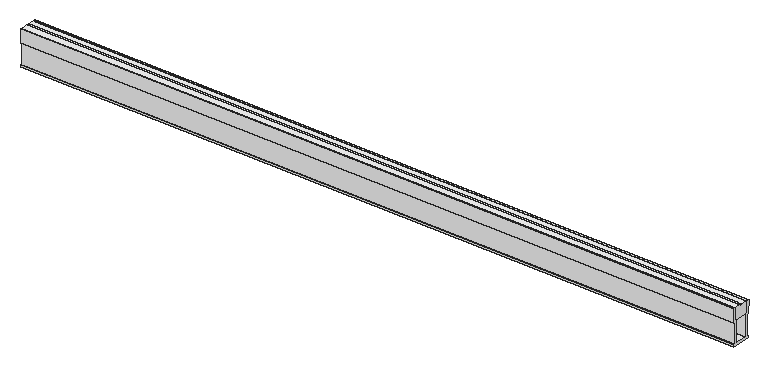
Revit family "4070762+4070745 Feilo Sylvania Lighting Fixture CURSUS 1161MM 770LM WIDE LED 4K with FRAMED ROUGH IN HOUSING", category Lighting Fixtures, host Face, Revit 2017
Family settings
  Host = Face
  Round Connector Dimension = Use Diameter
  Part Type = Normal
  OmniClass Number = 23.80.70.14
  OmniClass Title = Luminaries for External Lighting
  Cut with Voids When Loaded = Yes
  Light Source = Yes
  Shared = No
  Room Calculation Point = No
Parameters (values of type "4070762 CURSUS 1161MM 770LM WIDE LED 4K")
  Width = 30 mm
  Weight = "2.2 kg"
  Wattage Comments = "n/a"
  Wattage = 18 W
  WarrantyStartDate [instance] = "n/a"
  WarrantyGuarantorParts = "n/a"
  WarrantyDurationUnit = "n/a"
  WarrantyDurationParts = "n/a"
  WarrantyDescription = "n/a"
  built-in parameter 1150110 = 1 (stored number, unit not read)
  Voltage = 230 V
  URL = "http://www.sylvania-lighting.com"
  TypeName = "CURSUS 1161MM 770LM WIDE LED 4K"
  Type Image = <None>
  Type Comments = "n/a"
  built-in parameter 1114217 = 1 (stored number, unit not read)
  Tilt Angle = -90.00°
  built-in parameter 1150109 = 1 (stored number, unit not read)
  built-in parameter 1150134 = 12
  built-in parameter 1150113 = 1 (stored number, unit not read)
  SerialNumber [instance] = "n/a"
  Material_3_FEILO = none
  PowerFactor = 0
  PowerConsumption = "18 W"
  Photometric Web File = "4070762.ies"
  NominalLength = 1161 mm
  NominalHeight = 50 mm
  NominalDepth = Width  # 30 mm
  Name = "CURSUS 1161MM 770LM WIDE LED 4K"
  ModelReference = Name  # "CURSUS 1161MM 770LM WIDE LED 4K"
  ModelNumber = "4070762"
  Model = Name  # "CURSUS 1161MM 770LM WIDE LED 4K"
  Material = "natural anodised extruded aluminium structure housing"
  ManufacturerName = "Feilo Sylvania"
  Manufacturer = "Feilo Sylvania"
  LuminousEfficacy = "42.77 lm/W"
  built-in parameter 1150105 = 424.94 (stored number, unit not read)
  Lumens = 770 lm
  LuminaireType = ""
  built-in parameter 1150115 = 1 (stored number, unit not read)
  LightOutputRatio = "100"
  built-in parameter 1150137 = (empty or 0)
  built-in parameter 1150139 = (empty or 0)
  LengthVoidExtrusionRight [instance] = if(EndCapRight, Length / 2, Length / 2 - 2.5 mm)  # 581 mm
  LengthVoidExtrusionLeft [instance] = if(EndCapLeft, Length / 2, Length / 2 - 2.5 mm)  # 581 mm
  Length = 1167 mm
  LampsType = Lamp  # "LED"
  LampNominalLuminous = "770 lm"
  LampMacAdamStep = "n/a"
  LampColourTemperature = "4000 K"
  LampColourRenderingIndex = "80"
  built-in parameter 1150112 = 1 (stored number, unit not read)
  built-in parameter 1150114 = 1 (stored number, unit not read)
  Lamp = "LED"
  Keynote = "16500"
  InstallationDate [instance] = "n/a"
  InputVoltage = "220-240V~"
  InputNominalFrequency = "n/a"
  built-in parameter 1150132 = (empty or 0)
  built-in parameter 1150102 = (empty or 0)
  built-in parameter 1150107 = 4000 (stored number, unit not read)
  built-in parameter 1150138 = (empty or 0)
  IngressProtection = "IP67"
  ImpactProtectionIndex = "IK07"
  built-in parameter 1150106 = 4.2494 (stored number, unit not read)
  IfcExportType = "IfcLightFixtureType"
  IfcExportAs = "IfcLightFixtureType"
  ExpectedLife = 50000
  EndCapRight [instance] = no
  EndCapLeft [instance] = no
  Emit from Rectangle Width = Width - 6 mm  # 24 mm
  Emit from Rectangle Length = Length - 6 mm  # 1161 mm
  Emit Shape Visible in Rendering = no
  ElectricShockClassification = "Class III"
  built-in parameter 1150104 = 3.9742 (stored number, unit not read)
  DurationUnit = "hours"
  DocumentationLiterature = "http://www.sylvania-lighting.com/product/en-int/products/4070762"
  DimmingControlOptions = "n/a"
  Dimming Lamp Color Temperature Shift = <None>
  Material_2_FEILO = Diffuser-Sylvania-Glow
  Description = "LED Exterior Lighting Recessed Surface Mounted Linear Fixture, Natural anodised extruded aluminium structure. Die-cast aluminium end caps. Installation kit with harmonic steel springs., 770 lm, 18W,  42lm/W, 4000K, CRI80+,non dimmable,IP67, IK07, (HxWxD) 1161x50x30mm, 3 step Mac Adam Ellipse, 2.2kg,, Classe III, 21-25V-DC, energy class : A++, A+, A"
  Default Elevation = 1219.2 mm
  CreatedOn = "1/8/2018"
  CreatedBy = ""
  Cost = 0
  Color Filter = 16777215
  built-in parameter 1114216 [instance] = (empty or 0)
  ClassificationValue = "EF_70_80"
  ClassificationName = "Uniclass2015"
  Material_1_FEILO = Body-Sylvania-Gray
  BarCode [instance] = "n/a"
  built-in parameter 1114218 = 1 (stored number, unit not read)
  built-in parameter 1150133 = 10 (stored number, unit not read)
  AssetType = "Fixed"
  AssetIdentifier [instance] = "n/a"
  Assembly Code = "D5020200"
  Apparent Load = 18 VA
  Material_4_FEILO = Diffuser-Sylvania-Glow
Reference planes
  plane 1 "Center (Front/Back)": y = 0
  plane 2: z = 0
  plane 3 "Center (Left/Right)": x = 0
  plane 4: y = 15
  plane 5: y = -15
  plane 6: x = 583.5
  plane 7: x = -583.5
  plane 8: x = -581
  plane 9: y = 12.5
  plane 10: y = -12.5
  plane 11: x = 581
  plane 12: z = -55
  plane 13: z = -52.5
  plane 14: z = -2
  plane 15: y = -10
  plane 16: z = -18
  plane 17: z = -20.5
  plane 18: y = 10
Forms (mm)
  Extrusion 1, solid, material "Body-Sylvania-Gray" <- "Material_1_FEILO"
    sketch origin (0, 0, -32.5) x (0, 1, 0) y (0, 0, 1)
      loop
        line (15, -22.5) -> (15, -20) -> (12.5, -20) -> (12.5, 12) -> (15, 12) -> (15, 32.5) -> (12.5, 32.5) -> (12.5, 14.5) -> (10, 14.5) -> (10, -20) -> (-10, -20) -> (-10, 14.5) -> (-12.5, 14.5) -> (-12.5, 32.5) -> (-15, 32.5) -> (-15, 12) -> (-12.5, 12) -> (-12.5, -20) -> (-15, -20) -> (-15, -22.5) -> (15, -22.5)
    from -581 to 581
  Extrusion 2, solid, material "Body-Sylvania-Gray" <- "Material_1_FEILO", visible <- "EndCapRight"
    sketch origin (583.5, 1524, 1219.2) x (0, 1, 0) y (0, 0, 1)
      loop
        line (-1539, -1274.2) -> (-1509, -1274.2) -> (-1509, -1219.2) -> (-1539, -1219.2) -> (-1539, -1274.2)
    from 0 to -2.5
  Extrusion 3, solid, material "Body-Sylvania-Gray" <- "Material_1_FEILO", visible <- "EndCapLeft"
    sketch origin (-583.5, 1524, 1219.2) x (0, 1, 0) y (0, 0, 1)
      loop
        line (-1539, -1274.2) -> (-1509, -1274.2) -> (-1509, -1219.2) -> (-1539, -1219.2) -> (-1539, -1274.2)
    from 0 to 2.5
  Extrusion 4, solid, material "Diffuser-Sylvania-Glow" <- "Material_2_FEILO"
    sketch origin (0, 0, 0) x (0, 1, 0) y (0, 0, 1)
      loop
        line (-12.5, 0) -> (-12.5, -18) -> (12.5, -18) -> (12.5, 0) -> (2, 0) -> (0, -2) -> (-2, 0) -> (-12.5, 0)
    from -581 to 581
  Extrusion 5, void
    sketch origin (0, 0, 0) x (1, 0, 0) y (0, 1, 0)
      loop
        line (-581, 15) -> (-581, -15) -> (581, -15) -> (581, 15) -> (-581, 15)
    from 0 to -55
Dimensions and locks
  equal spacing: plane 5, plane 1 "Center (Front/Back)", plane 4
  equal spacing: plane 7, plane 3 "Center (Left/Right)", plane 6
  "Length": plane 7 to plane 6
  equal spacing: plane 8, plane 3 "Center (Left/Right)", plane 11
  equal spacing: plane 10, plane 1 "Center (Front/Back)", plane 9
  locked: plane 5 to plane 10 at 2.5
  "Width": plane 5 to plane 4
  locked: plane 2 to plane 12 at 55
  locked: plane 12 to plane 13 at 2.5
  "LengthVoidExtrusionLeft": Extrusion 5 sketch curve to plane 3 "Center (Left/Right)"
  "LengthVoidExtrusionRight": plane 3 "Center (Left/Right)" to Extrusion 5 sketch curve
  plane 2 to plane 14 = 2 mm
  locked: plane 7 to plane 8 at 2.5
  locked: plane 2 to plane 16 at 18
  locked: plane 17 to plane 16 at 2.5
  equal spacing: plane 15, plane 1 "Center (Front/Back)", plane 18
  locked: plane 10 to plane 15 at 2.5
  locked: plane 14 to Extrusion 4 sketch curve (angle 45.00°)
  locked: Extrusion 4 sketch curve to plane 14 (angle 45.00°)
  aligned and locked: plane 2 to host face
  aligned and locked: level to host face
  aligned and locked: plane 4 to Extrusion 1 sketch curve
  aligned and locked: Extrusion 1 sketch curve to plane 5
  aligned and locked: plane 10 to Extrusion 1 sketch curve  (x2)
  aligned and locked: Extrusion 1 sketch curve to plane 9  (x2)
  aligned and locked: plane 8 to Extrusion 3
  aligned and locked: Extrusion 3 to plane 7
  aligned and locked: Extrusion 4 to plane 8
  aligned and locked: plane 11 to Extrusion 4
  aligned and locked: imposter light to plane 1 "Center (Front/Back)"
  aligned and locked: plane 3 "Center (Left/Right)" to imposter light
  aligned and locked: plane 12 to Extrusion 1
  aligned and locked: Extrusion 1 to plane 13
  aligned and locked: level to Extrusion 1  (x2)
  aligned and locked: plane 2 to imposter light
  aligned and locked: plane 11 to Extrusion 1
  aligned and locked: Extrusion 1 to plane 8
  aligned and locked: plane 12 to Extrusion 3 sketch curve
  aligned and locked: plane 5 to Extrusion 3 sketch curve
  aligned and locked: Extrusion 3 sketch curve to plane 4
  aligned and locked: Extrusion 2 sketch curve to plane 4
  aligned and locked: plane 5 to Extrusion 2 sketch curve
  aligned and locked: plane 12 to Extrusion 2 sketch curve
  aligned and locked: plane 9 to Extrusion 4 sketch curve
  aligned and locked: Extrusion 4 sketch curve to plane 10
  aligned and locked: Extrusion 5 sketch curve to plane 4
  aligned and locked: plane 5 to Extrusion 5 sketch curve
  aligned and locked: Extrusion 5 to Extrusion 1
  aligned and locked: level to Extrusion 5
  aligned and locked: plane 14 to Extrusion 4 sketch curve
  aligned and locked: Extrusion 4 sketch curve to plane 16
  aligned and locked: Extrusion 1 sketch curve to Extrusion 1 sketch curve  (x3)
  aligned and locked: Extrusion 1 sketch curve to Extrusion 4
  aligned and locked: plane 15 to Extrusion 1 sketch curve
  aligned and locked: plane 17 to Extrusion 1 sketch curve
  aligned and locked: plane 5 to Extrusion 1 sketch curve
  aligned and locked: Extrusion 1 sketch curve to plane 16
  aligned and locked: plane 18 to Extrusion 1 sketch curve
  aligned and locked: Extrusion 1 sketch curve to plane 17
  aligned and locked: Extrusion 1 sketch curve to Extrusion 2
Automatic sketch dimensions
  host sketch curve to host sketch curve = 2438.4 mm  (x2)
  Extrusion 3 sketch curve to level = 0 mm
  Extrusion 2 sketch curve to level = 0 mm
  Extrusion 4 sketch curve to level = 0 mm  (x2)
  Extrusion 4 sketch curve to plane 1 "Center (Front/Back)" = 0 mm
  plane 12 to Extrusion 1 sketch curve = 0 mm
  plane 13 to Extrusion 1 sketch curve = 0 mm
  Extrusion 1 sketch curve to level = 0 mm  (x2)
Connectors
  electrical at (0, 0, 0), driven by "Apparent Load", driven by "PowerFactor", driven by "Voltage"
    settings: index 1, voltage 230 V, apparent load 18 VA, apparent load phase1 0 VA, apparent load phase2 0 VA, apparent load phase3 0 VA, power factor 0, load classification "Lighting", number of poles 1, system type 30, power factor state 1, is connector primary yes, connector utility no, sub classification motor no, connector description ""
